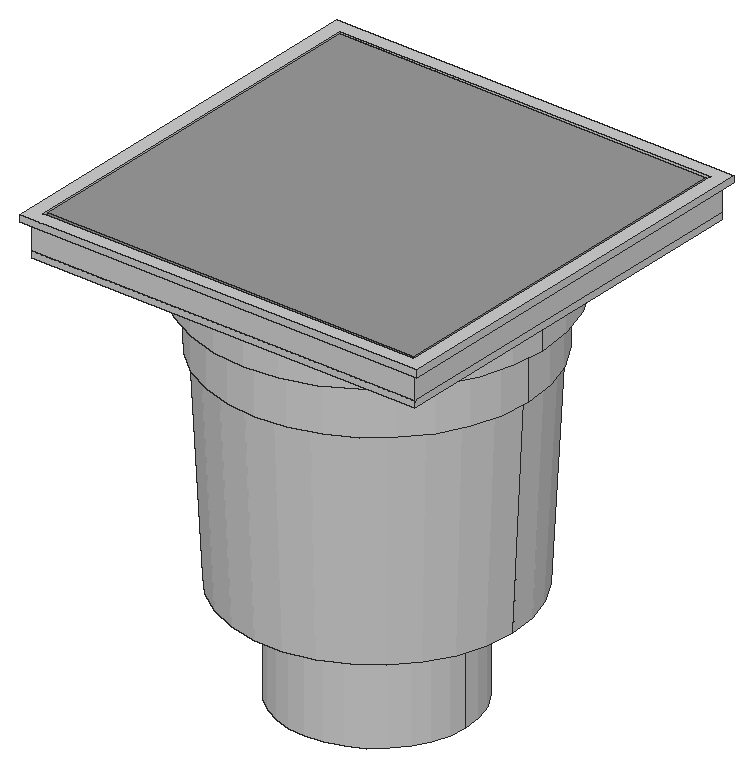
Revit family "HL_Дворовый трап серии Perfekt_HL606W", category Instalační zařizovací předměty, Revit 2016
Family settings
  Typ součásti = Normální
  Kóta kulaté spojky = Použít průměr
  Číslo OmniClass = 23.70.50.21.24.14
  Nadpis OmniClass = Deck Waste Water Drains
  Založené na pracovní rovině = Ne
  Vždy vertikální = Ano
  Ořezat dutým tvarem při načtení = Ne
  Sdílené = Ne
  Bod výpočtu místnosti = Ano
Parameters (values of type "HL_Дворовый трап серии Perfekt_HL606W_1")
  РЕШЁТКА = "Gusseisen 226 x 226 mm"
  РАЗМЕР = "DN110"
  ПРОПУСКНАЯ СПОСОБНОСТЬ [instance] = 0.0 L/s
  ПРОИЗВОДИТЕЛЬНОСТЬ = "2,1 l/s"
  ПРАВОВАЯ ИНФОРМАЦИЯ = "\"Авторские права(©), права на дизайн или какие либо другие права интелектуальной собственности являются исключительной собственностью компании HL Hutterer & Lechner. Изменению не подлежит. Файл семейства с данными о прозводителе изделия защищен паролем с водяным знаком.\""
  НОМИНАЛЬНЫЙ ДИАМЕТР = 110 mm
  НАСАДКА = "244 x 244 mm"
  МАТЕРИАЛ = "PP"
  МАКСИМАЛЬНАЯ НАГРУЗКА КЛАССА = "L - 1,5 t"
  ВЫСОТА МОНТАЖА = "213 mm"
  ВЕС = "6,982 kg"
  Výrobce = "HL Hutterer & Lechner GmbH"
  URL = "http://www.hutterer-lechner.com/ru/products/catalog/roof-drains/HL606W/1.aspx"
  Материал плитка [instance] = none
  Připojení ventilace = no
  Připojení odpadu = yes
  Připojení HW = no
  Připojení CW = no
  Popis = "Дворовый трап серии Perfekt DN110 вертикальный"
  Model = "HL606W/1"
  Assembly Code = " "
  Komentáře k typům = "Дворовый трап серии Perfekt DN110 вертикальный 244х244мм ПП/226х226мм чугун с водяным затвором."
  Keynote = "HL606W/1"
  IH [instance] = Высота монтажа 1 + Высота монтажа 2  # 0 mm
  Высота монтажа 2 [instance] = 0 mm
  Высота монтажа 1 [instance] = 0 mm
  G [instance] = 180.00°  # constant formula
  EAN = "9003076011131"
  D [instance] = IH + 174 mm  # 174 mm
  C [instance] = if(IH - 68 mm < 0 mm, 0 mm, IH - 68 mm)  # 0 mm
  B [instance] = 100 mm
  A [instance] = if(B - 100 mm > 15 mm, B - 100 mm, 15 mm)  # 15 mm
Types (3, lengths in mm): name | РАЗМЕР | НОМИНАЛЬНЫЙ ДИАМЕТР | ВЕС | URL | Popis | Model | Komentáře k typům | Keynote | EAN
  (no name) | "DN110" | 110 | "6,982 kg" | "http://www.hutterer-lechner.com/en/products/catalog/roof-drains/HL606W/1.aspx" | 0 | "HL606W/1" | "perfect-drain DN110 vertical 244x244mm plastic/226x226mm cast iron with trap seal" | "HL606W/1" | "9003076011131"
  HL_Дворовый трап серии Perfekt_HL606W_1 | "DN110" | 110 | "6,982 kg" | "http://www.hutterer-lechner.com/ru/products/catalog/roof-drains/HL606W/1.aspx" | "Дворовый трап серии Perfekt DN110 вертикальный" | "HL606W/1" | "Дворовый трап серии Perfekt DN110 вертикальный 244х244мм ПП/226х226мм чугун с водяным затвором." | "HL606W/1" | "9003076011131"
  HL_Дворовый трап серии Perfekt_HL606W_5 | "DN160" | 160 | "6,988 kg" | "http://www.hutterer-lechner.com/ru/products/catalog/roof-drains/HL606W/5.aspx" | "Дворовый трап серии Perfekt DN160 вертикальный" | "HL606W/5" | "Дворовый трап серии Perfekt DN160 вертикальный 244х244мм ПП/226х226мм чугун с водяным затвором." | "HL606W/5" | "9003076011155"
Values of the unnamed type that differ from the named types
  ПРАВОВАЯ ИНФОРМАЦИЯ = "\"Copyright (©), design rights or any other intellectual property rights, shall be the exclusive property of HL Hutterer & Lechner GmbH. Modification is not allowed. Family has been watermarked.\""
Reference planes
  plane 1 "Center (Front/Back)": y = 0
  plane 2: z = 0
  plane 3 "Center (Left/Right)": x = 0
  plane 4: z = -100
  plane 5: z = 0
  plane 6: z = 0
Lines and regions (mm)
  model lines, style "InvisibleLines"
    curve 1: line (0, 0, 0) -> (0, 0, 20)
  model lines, style "PlumbingFixtures", detail levels coarse+medium
    curve 2: line (0, 0, -100) -> (0, 0, -85)
    curve 3: line (0, 0, -85) -> (-85, 0, 0)
    curve 4: line (0, 0, -85) -> (85, 0, 0)
    curve 6: line (0, 0, -100) -> (0, 0, -274)
  reference lines, not visible
    curve 5: line (0, 0, -100) -> (0, 0, -274)
  symbolic lines, style "PlumbingFixtures", detail levels coarse+medium
    curve 7: line (-75, 75, 0) -> (75, 75, 0)
    curve 8: line (-75, -75, 0) -> (-75, 75, 0)
    curve 9: line (75, -75, 0) -> (-75, -75, 0)
    curve 10: line (75, 75, 0) -> (75, -75, 0)
    curve 11: line (-75, 75, 0) -> (-145.711, 145.711, 0)
    curve 12: line (75, 75, 0) -> (145.711, 145.711, 0)
    curve 13: line (-75, -75, 0) -> (-145.711, -145.711, 0)
    curve 14: line (75, -75, 0) -> (145.711, -145.711, 0)
  symbolic lines, style "PlumbingFixtures", not visible, detail levels coarse+medium
    curve 15: line (-75, 75, 0) -> (75, 75, 0)
    curve 16: line (-75, -75, 0) -> (-75, 75, 0)
    curve 17: line (75, -75, 0) -> (-75, -75, 0)
    curve 18: line (75, 75, 0) -> (75, -75, 0)
    curve 19: line (-75, 75, 0) -> (-145.711, 145.711, 0)
    curve 20: line (75, 75, 0) -> (145.711, 145.711, 0)
    curve 21: line (-75, -75, 0) -> (-145.711, -145.711, 0)
    curve 22: line (75, -75, 0) -> (145.711, -145.711, 0)
Text (mm)
  text "FLOOR" at (-162.344, 0, -10.979), in view "Слева"
Dimensions and locks
  "B": plane 2 to plane 4
  "IH": plane 2 to plane 5
  "A": curve 4 to plane 4
  "D": curve 5 to curve 5
  "D": curve 6 to curve 6
  "Высота монтажа 1": plane 2 to plane 6
  locked: curve 4 to plane 3 "Center (Left/Right)" (angle 45.00°)
  locked: plane 3 "Center (Left/Right)" to curve 3 (angle 45.00°)
  "G": angle curve 5 to plane 3 "Center (Left/Right)"
  aligned and locked: level to plane 2
  aligned and locked: plane 2 to curve 4
  aligned and locked: plane 2 to curve 3
  aligned and locked: plane 4 to curve 5
  aligned and locked: plane 3 "Center (Left/Right)" to curve 5
  aligned and locked: plane 4 to curve 2
  aligned and locked: plane 3 "Center (Left/Right)" to curve 6
  aligned and locked: plane 4 to curve 6
  aligned and locked: nested 1 to plane 3 "Center (Left/Right)"
  aligned and locked: plane 5 to nested 1
  aligned and locked: plane 3 "Center (Left/Right)" to nested 2
  aligned and locked: plane 2 to nested 2
  aligned and locked: plane 3 "Center (Left/Right)" to nested 3
  aligned and locked: nested 1 to nested 3
  aligned and locked: plane 3 "Center (Left/Right)" to nested 4
  aligned and locked: nested 1 to nested 4
Automatic sketch dimensions
  curve 2 to plane 3 "Center (Left/Right)" = 0 mm
  curve 1 to plane 3 "Center (Left/Right)" = 0 mm
  curve 1 to level = 0 mm
  curve 1 to curve 1 = 20 mm
Nested families
  nested 1: "HL-кровельные воронки - корпус-HL606K" at (0, 0, 0), type "HL-кровельные воронки - корпус-HL606K_1"
  nested 2: "HL-Решетка для сливного отверстия-HL0606.1E" at (0, 0, 0), type "HL-Решетка для сливного отверстия-HL0606.1E"
  nested 3: "HL-Песколовка-HL0606.2E" at (0, 0, -19.999), type "HL-Песколовка-HL0606.2E"
  nested 4: "HL-Вкладыш запахозапирающий-HL0605.2E" at (0, 0, -77), type "HL-Вкладыш запахозапирающий-HL0605.2E"
Connectors
  piping at (0, 0, -274), diameter 110, driven by "ПРОПУСКНАЯ СПОСОБНОСТЬ", driven by "НОМИНАЛЬНЫЙ ДИАМЕТР"
    settings: on curve 5, index 1, connector inside diameter 609.6 mm, connector length 0 mm, flow factor 0, pipe flow 0.0 L/s, pressure drop 0.0 Pa, fitting loss kfactor 0, connector angle 0.00°, fixture units 0, engagement length 0 mm, angle of deflection 0.00°, flow configuration 1, flow direction 2, fitting loss method 0, system type 16, joint type 0, gender type 0, connector reference index -1, connector utility 0, adjustable connector yes, is connector primary yes, connector description ""
Definition of nested family "HL-кровельные воронки - корпус-HL606K"
  Parameters
    РАЗМЕР = ""
    ПРАВОВАЯ ИНФОРМАЦИЯ = ""
    НОМИНАЛЬНЫЙ ДИАМЕТР = 110 mm
    НАСАДКА = ""
    МАТЕРИАЛ = ""
    ВЫСОТА МОНТАЖА = ""
    ВЕС = ""
    Height = 0 mm
    Manufacturer = ""
    URL = ""
    Description = ""
    ND = НОМИНАЛЬНЫЙ ДИАМЕТР / 2  # 55 mm
    Model = ""
    материал = none
    Type Comments = ""
    Keynote = ""
    EAN = ""
    Cost = 0
  Types (3, lengths in mm): name | РАЗМЕР | ПРАВОВАЯ ИНФОРМАЦИЯ | НАСАДКА | МАТЕРИАЛ | ВЫСОТА МОНТАЖА | ВЕС | Manufacturer | URL | Description | Model | Type Comments | Keynote | EAN
    (no name) | "" | "" | "" | "" | "" | "" | "" | "" | "" | "" | "" | "" | ""
    HL-кровельные воронки - корпус-HL606K_1 | "DN110" | "\"Авторские права(©), права на дизайн или какие либо другие права интелектуальной собственности являются исключительной собственностью компании HL Hutterer & Lechner. Изменению не подлежит. Файл семейства с данными о прозводителе изделия защищен паролем с водяным знаком.\"" | "244 x 244 mm" | "PP" | "212 mm" | "0,647 kg" | "HL Hutterer & Lechner GmbH" | "http://www.hutterer-lechner.com/ru/products/catalog/roof-drains/HL606K/1.aspx" | "Дворовый трап серии Perfekt DN110 вертикальный" | "HL606K/1" | "Корпус дворового трапа серии Perfekt DN110 вертикальный 244х244мм ПП" | "HL606K/1" | "9003076012763"
    HL-кровельные воронки - корпус-HL606K_5 | "DN160" | "\"Авторские права(©), права на дизайн или какие либо другие права интелектуальной собственности являются исключительной собственностью компании HL Hutterer & Lechner. Изменению не подлежит. Файл семейства с данными о прозводителе изделия защищен паролем с водяным знаком.\"" | "244 x 244 mm" | "PP" | "212 mm" | "0,668 kg" | "HL Hutterer & Lechner GmbH" | "http://www.hutterer-lechner.com/ru/products/catalog/roof-drains/HL606K/5.aspx" | "Дворовый трап серии Perfekt DN160 вертикальный" | "HL606K/5" | "Корпус дворового трапа серии Perfekt DN160 вертикальный 244х244мм ПП" | "HL606K/5" | "9003076012787"
  Reference planes
    plane 1 "Střed (vpředu/vzadu)": y = 0
    plane 2: z = 0
    plane 3 "Střed (vlevo/vpravo)": x = 0
    plane 4: z = -212
  Forms (mm)
    Revolve 1, solid, material <- "материал", detail levels fine
      sketch origin (0, 0, 0) x (1, 0, 0) y (0, 0, 1)
        loop
          line (0, -212) -> (83.62, -212) -> (90.477, -81.158) -> (93.491, -81.158) -> (93.491, -49.562) -> (102.242, -49.562) -> (102.242, -24) -> (98.5, -24) -> (98.5, -42) -> (89.75, -42) -> (89.75, -77) -> (85.685, -77) -> (79.688, -208) -> (0, -208) -> (0, -212)
        axis (0, -212) -> (0, -24)
      angle from 0 to 360
    Extrusion 2, solid, material <- "материал", detail levels fine
      sketch origin (0, 0, 0) x (1, 0, 0) y (0, 1, 0)
        loop
          line (118, -118) -> (118, 118) -> (-118, 118) -> (-118, -118) -> (118, -118)
        loop
          circle (0, 0) r 102.242
      from -24 to -20
    Extrusion 3, solid, material <- "материал", detail levels fine
      sketch origin (0, 0, -23) x (0, 1, 0) y (-1, 0, 0)
        loop
          line (118, 118) -> (-118, 118) -> (-118, -118) -> (118, -118) -> (118, 118)
        loop
          line (-114, -114) -> (114, -114) -> (114, 114) -> (-114, 114) -> (-114, -114)
      from 0 to 19
    Extrusion 4, solid, material <- "материал", detail levels fine
      sketch origin (0, 0, 0) x (1, 0, 0) y (0, 1, 0)
        loop
          line (-122, 122) -> (-122, -122) -> (122, -122) -> (122, 122) -> (-122, 122)
        loop
          line (114, -114) -> (114, 114) -> (-114, 114) -> (-114, -114) -> (114, -114)
      from -4 to 0
    Revolve 5, solid, material <- "материал", detail levels fine
      sketch origin (0, 0, 0) x (1, 0, 0) y (0, 0, 1)
        loop
          line (0, -274) -> (55, -274) -> (55, -212) -> (0, -212) -> (0, -274)
        axis (0, -212) -> (0, -274)
      angle from 0 to 360
  Dimensions and locks
    locked: plane 2 to plane 4 at 212
    plane 4 to Revolve 5 sketch curve = 62 mm
    "ND": Revolve 5 sketch curve to plane 3 "Střed (vlevo/vpravo)"
    aligned and locked: level to plane 2
    aligned and locked: Revolve 5 sketch curve to plane 4
  Automatic sketch dimensions
    Revolve 1 sketch curve to plane 3 "Střed (vlevo/vpravo)" = 0 mm  (x2)
    Revolve 1 sketch curve to plane 4 = 0 mm
    Revolve 1 sketch curve to level = 0 mm
    plane 4 to Revolve 1 sketch curve = 4 mm
    plane 3 "Střed (vlevo/vpravo)" to Revolve 1 sketch curve = 79.688 mm
    Revolve 1 sketch curve to Revolve 1 sketch curve = 3.931 mm
    plane 3 "Střed (vlevo/vpravo)" to Revolve 1 sketch curve = 85.685 mm
    Revolve 1 sketch curve to Revolve 1 sketch curve = 4.065 mm
    Revolve 1 sketch curve to Revolve 1 sketch curve = 0.727 mm
    Revolve 1 sketch curve to Revolve 1 sketch curve = 3.014 mm
    Revolve 1 sketch curve to Revolve 1 sketch curve = 8.75 mm
    Revolve 1 sketch curve to Revolve 1 sketch curve = 3.742 mm
    Revolve 1 sketch curve to level = 81.158 mm
    Revolve 1 sketch curve to Revolve 1 sketch curve = 4.158 mm
    Revolve 1 sketch curve to Revolve 1 sketch curve = 27.438 mm
    Revolve 1 sketch curve to Revolve 1 sketch curve = 7.562 mm
    Revolve 1 sketch curve to Revolve 1 sketch curve = 18 mm
    level to Revolve 1 sketch curve = 19.057 mm
    plane 1 "Střed (vpředu/vzadu)" to Extrusion 3 sketch curve = 118 mm
    Extrusion 3 sketch curve to Extrusion 3 sketch curve = 4 mm  (x4)
    Extrusion 3 sketch curve to plane 1 "Střed (vpředu/vzadu)" = 114 mm
    plane 3 "Střed (vlevo/vpravo)" to Extrusion 3 sketch curve = 118 mm
    Extrusion 3 sketch curve to plane 3 "Střed (vlevo/vpravo)" = 114 mm
    Extrusion 4 sketch curve to plane 3 "Střed (vlevo/vpravo)" = 122 mm
    Extrusion 4 sketch curve to Extrusion 4 sketch curve = 8 mm  (x4)
    plane 3 "Střed (vlevo/vpravo)" to Extrusion 4 sketch curve = 114 mm
    plane 1 "Střed (vpředu/vzadu)" to Extrusion 4 sketch curve = 122 mm
    Extrusion 4 sketch curve to plane 1 "Střed (vpředu/vzadu)" = 114 mm
    plane 1 "Střed (vpředu/vzadu)" to Extrusion 2 sketch curve = 0 mm
    Extrusion 2 sketch curve to plane 3 "Střed (vlevo/vpravo)" = 0 mm
    Extrusion 2 sketch curve to plane 3 "Střed (vlevo/vpravo)" = 118 mm
    plane 3 "Střed (vlevo/vpravo)" to Extrusion 2 sketch curve = 118 mm
    plane 1 "Střed (vpředu/vzadu)" to Extrusion 2 sketch curve = 118 mm
    Extrusion 2 sketch curve to plane 1 "Střed (vpředu/vzadu)" = 118 mm
    Revolve 5 sketch curve to plane 3 "Střed (vlevo/vpravo)" = 0 mm  (x2)
    Revolve 5 sketch curve to Revolve 5 sketch curve = 26 mm
    Revolve 5 sketch curve to Revolve 5 sketch curve = 105 mm
    radius of Extrusion 2 sketch curve = 102.242 mm
Definition of nested family "HL-Решетка для сливного отверстия-HL0606.1E"
  Parameters
    РАЗМЕР = ""
    ПРАВОВАЯ ИНФОРМАЦИЯ = ""
    МАТЕРИАЛ = ""
    МАКСИМАЛЬНАЯ НАГРУЗКА КЛАССА = ""
    ВЕС = ""
    Manufacturer = ""
    URL = ""
    Description = ""
    Model = ""
    материал = none
    Type Comments = ""
    Keynote = ""
    EAN = ""
    Cost = 0
  Types (2, lengths in mm): name | РАЗМЕР | ПРАВОВАЯ ИНФОРМАЦИЯ | МАТЕРИАЛ | МАКСИМАЛЬНАЯ НАГРУЗКА КЛАССА | ВЕС | Manufacturer | URL | Description | Model | Type Comments | Keynote | EAN
    (no name) | "" | "" | "" | "" | "" | "" | "" | "" | "" | "" | "" | ""
    HL-Решетка для сливного отверстия-HL0606.1E | "226x226mm" | "\"Авторские права(©), права на дизайн или какие либо другие права интелектуальной собственности являются исключительной собственностью компании HL Hutterer & Lechner. Изменению не подлежит. Файл семейства с данными о прозводителе изделия защищен паролем с водяным знаком.\"" | "Gusseisen" | "B - 12,5 t (aussen)" | "6,046 kg" | "HL Hutterer & Lechner GmbH" | "http://www.hutterer-lechner.com/ru/products/catalog/roof-drains/HL0606.1E.aspx" | "Решетка для сливного отверстия" | "HL0606.1E" | "Чугунная решетка для сливного отверстия 226х226мм" | "HL0606.1E" | "9003076060610"
  Reference planes
    plane 1 "Střed (vpředu/vzadu)": y = 0
    plane 2: z = 0
    plane 3 "Střed (vlevo/vpravo)": x = 0
  Forms (mm)
    Extrusion 1, solid, material <- "материал", detail levels fine
      sketch origin (0, 0, 0) x (1, 0, 0) y (0, 1, 0)
        loop
          line (112.5, 112.5) -> (-112.5, 112.5) -> (-112.5, -112.5) -> (112.5, -112.5) -> (112.5, 112.5)
      from 0 to -20.1
  Lines and regions (mm)
    model lines, detail levels fine
      curve 1: line (80.964, 45.608, 0) -> (46.315, 10.96, 0)
      curve 2: line (10.96, 46.315, 0) -> (45.608, 80.964, 0)
      curve 3: line (21.567, 35.709, 0) -> (56.215, 70.357, 0)
      curve 4: line (35.709, 21.567, 0) -> (70.357, 56.215, 0)
      curve 5: arc (80.964, 45.608, 0) -> (80.964, 56.215, 0) -> (70.357, 56.215, 0) r 7.5
      curve 6: arc (56.215, 70.357, 0) -> (56.215, 80.964, 0) -> (45.608, 80.964, 0) r 7.5
      curve 7: arc (21.567, 35.709, 0) -> (10.96, 35.709, 0) -> (10.96, 46.315, 0) r 7.5
      curve 8: arc (46.315, 10.96, 0) -> (35.709, 10.96, 0) -> (35.709, 21.567, 0) r 7.5
      curve 9: line (80.964, -45.608, 0) -> (46.315, -10.96, 0)
      curve 10: line (10.96, -46.315, 0) -> (45.608, -80.964, 0)
      curve 11: line (21.567, -35.709, 0) -> (56.215, -70.357, 0)
      curve 12: line (35.709, -21.567, 0) -> (70.357, -56.215, 0)
      curve 13: arc (80.964, -45.608, 0) -> (80.964, -56.215, 0) -> (70.357, -56.215, 0) r 7.5
      curve 14: arc (56.215, -70.357, 0) -> (56.215, -80.964, 0) -> (45.608, -80.964, 0) r 7.5
      curve 15: arc (21.567, -35.709, 0) -> (10.96, -35.709, 0) -> (10.96, -46.315, 0) r 7.5
      curve 16: arc (46.315, -10.96, 0) -> (35.709, -10.96, 0) -> (35.709, -21.567, 0) r 7.5
      curve 17: line (-80.964, 45.608, 0) -> (-46.315, 10.96, 0)
      curve 18: line (-10.96, 46.315, 0) -> (-45.608, 80.964, 0)
      curve 19: line (-21.567, 35.709, 0) -> (-56.215, 70.357, 0)
      curve 20: line (-35.709, 21.567, 0) -> (-70.357, 56.215, 0)
      curve 21: arc (-80.964, 45.608, 0) -> (-80.964, 56.215, 0) -> (-70.357, 56.215, 0) r 7.5
      curve 22: arc (-56.215, 70.357, 0) -> (-56.215, 80.964, 0) -> (-45.608, 80.964, 0) r 7.5
      curve 23: arc (-21.567, 35.709, 0) -> (-10.96, 35.709, 0) -> (-10.96, 46.315, 0) r 7.5
      curve 24: arc (-46.315, 10.96, 0) -> (-35.709, 10.96, 0) -> (-35.709, 21.567, 0) r 7.5
      curve 25: line (-80.964, -45.608, 0) -> (-46.315, -10.96, 0)
      curve 26: line (-10.96, -46.315, 0) -> (-45.608, -80.964, 0)
      curve 27: line (-21.567, -35.709, 0) -> (-56.215, -70.357, 0)
      curve 28: line (-35.709, -21.567, 0) -> (-70.357, -56.215, 0)
      curve 29: arc (-80.964, -45.608, 0) -> (-80.964, -56.215, 0) -> (-70.357, -56.215, 0) r 7.5
      curve 30: arc (-56.215, -70.357, 0) -> (-56.215, -80.964, 0) -> (-45.608, -80.964, 0) r 7.5
      curve 31: arc (-21.567, -35.709, 0) -> (-10.96, -35.709, 0) -> (-10.96, -46.315, 0) r 7.5
      curve 32: arc (-46.315, -10.96, 0) -> (-35.709, -10.96, 0) -> (-35.709, -21.567, 0) r 7.5
      curve 33: line (7.5, 92, 0) -> (7.5, 72.5, 0)
      curve 34: line (-7.5, 92, 0) -> (-7.5, 72.5, 0)
      curve 35: arc (7.5, 92, 0) -> (0, 99.5, 0) -> (-7.5, 92, 0) r 7.5
      curve 36: arc (7.5, 72.5, 0) -> (0, 65, 0) -> (-7.5, 72.5, 0) r 7.5
      curve 37: line (92, 7.5, 0) -> (72.5, 7.5, 0)
      curve 38: line (92, -7.5, 0) -> (72.5, -7.5, 0)
      curve 39: arc (92, 7.5, 0) -> (99.5, 0, 0) -> (92, -7.5, 0) r 7.5
      curve 40: arc (72.5, 7.5, 0) -> (65, 0, 0) -> (72.5, -7.5, 0) r 7.5
      curve 41: line (-92, 7.5, 0) -> (-72.5, 7.5, 0)
      curve 42: line (-92, -7.5, 0) -> (-72.5, -7.5, 0)
      curve 43: arc (-92, 7.5, 0) -> (-99.5, 0, 0) -> (-92, -7.5, 0) r 7.5
      curve 44: arc (-72.5, 7.5, 0) -> (-65, 0, 0) -> (-72.5, -7.5, 0) r 7.5
      curve 45: line (7.5, -92, 0) -> (7.5, -72.5, 0)
      curve 46: line (-7.5, -92, 0) -> (-7.5, -72.5, 0)
      curve 47: arc (7.5, -92, 0) -> (0, -99.5, 0) -> (-7.5, -92, 0) r 7.5
      curve 48: arc (7.5, -72.5, 0) -> (0, -65, 0) -> (-7.5, -72.5, 0) r 7.5
  Dimensions and locks
    aligned and locked: level to plane 2
Definition of nested family "HL-Песколовка-HL0606.2E"
  Parameters (values of type "HL-Песколовка-HL0606.2E")
    ПРАВОВАЯ ИНФОРМАЦИЯ = "\"Авторские права(©), права на дизайн или какие либо другие права интелектуальной собственности являются исключительной собственностью компании HL Hutterer & Lechner. Изменению не подлежит. Файл семейства с данными о прозводителе изделия защищен паролем с водяным знаком.\""
    МАТЕРИАЛ = "PP"
    ВЕС = "0,09 kg"
    Manufacturer = "HL Hutterer & Lechner GmbH"
    URL = "http://www.hutterer-lechner.com/ru/products/catalog/roof-drains/HL0606.2E.aspx"
    Description = "Песколовка"
    Model = "HL0606.2E"
    материал = none
    Type Comments = "Песколовка"
    Keynote = "HL0606.2E"
    EAN = "9003076060627"
    Cost = 0
  Values of the unnamed type that differ from the named types
    ПРАВОВАЯ ИНФОРМАЦИЯ = ""
    МАТЕРИАЛ = ""
    ВЕС = ""
    Manufacturer = ""
    URL = ""
    Description = ""
    Model = ""
    Type Comments = ""
    Keynote = ""
    EAN = ""
  Reference planes
    plane 1 "Střed (vpředu/vzadu)": y = 0
    plane 2: z = 0
    plane 3 "Střed (vlevo/vpravo)": x = 0
  Forms (mm)
    Revolve 1, solid, material <- "материал", detail levels fine
      sketch origin (0, 0, 0) x (1, 0, 0) y (0, 0, 1)
        loop
          line (0, -55.952) -> (0, -58.018) -> (57.601, -56.006)
          arc (57.601, -56.006) -> (65.932, -53.053) -> (69.532, -44.98) r 11.208
          line (69.532, -44.98) -> (72.482, -41.586) -> (75.031, -12.448) -> (75.865, -6.515)
          arc (75.865, -6.515) -> (76.428, -5.156) -> (77.786, -4.594) r 1.921
          line (77.786, -4.594) -> (95.979, -3.002) -> (95.979, -0.001) -> (73.246, -1.99) -> (69.436, -41.391) -> (67.501, -43.326)
          arc (67.501, -43.326) -> (65.111, -51.02) -> (57.603, -53.94) r 9.273
          line (57.603, -53.94) -> (0, -55.952)
        axis (0, -58.018) -> (0, -0.001)
      angle from 0 to 360
  Dimensions and locks
    aligned and locked: level to plane 2
Definition of nested family "HL-Вкладыш запахозапирающий-HL0605.2E"
  Parameters
    ПРАВОВАЯ ИНФОРМАЦИЯ = ""
    МАТЕРИАЛ = ""
    ВЕС = ""
    Manufacturer = ""
    URL = ""
    Description = ""
    Model = ""
    материал 2 = none
    материал = none
    Type Comments = ""
    Keynote = ""
    EAN = ""
    Cost = 0
  Types (2, lengths in mm): name | ПРАВОВАЯ ИНФОРМАЦИЯ | МАТЕРИАЛ | ВЕС | Manufacturer | URL | Description | Model | Type Comments | Keynote | EAN
    (no name) | "" | "" | "" | "" | "" | "" | "" | "" | "" | ""
    HL-Вкладыш запахозапирающий-HL0605.2E | "\"Авторские права(©), права на дизайн или какие либо другие права интелектуальной собственности являются исключительной собственностью компании HL Hutterer & Lechner. Изменению не подлежит. Файл семейства с данными о прозводителе изделия защищен паролем с водяным знаком.\"" | "PP" | "0,192 kg" | "HL Hutterer & Lechner GmbH" | "http://www.hutterer-lechner.com/ru/products/catalog/roof-drains/HL0605.2E.aspx" | "Вкладыш запахозапирающий" | "HL0605.2E" | "Вкладыш водяного затвора комплектный" | "HL0605.2E" | "9003076009725"
  Reference planes
    plane 1 "Střed (vpředu/vzadu)": y = 0
    plane 2: z = 0
    plane 3 "Střed (vlevo/vpravo)": x = 0
  Forms (mm)
    Revolve 1, solid, material <- "материал 2", detail levels fine
      sketch origin (0, 0, 0) x (1, 0, 0) y (0, 0, 1)
        loop
          line (88, -3) -> (88, 0) -> (82.921, 0) -> (82.921, -1.338) -> (78.867, -6.169) -> (78.867, -19.629) -> (76.315, -48.796)
          arc (76.315, -48.796) -> (75.558, -51.125) -> (73.796, -52.827) r 5.066
          line (73.796, -52.827) -> (58.029, -61.938) -> (58.029, -93.034) -> (53.399, -98) -> (41.859, -98) -> (41.859, -83.043) -> (45.35, -83.043) -> (45.35, -33) -> (29.878, -33) -> (29.878, -100) -> (52.94, -100)
          arc (52.94, -100) -> (57.932, -97.932) -> (60, -92.939) r 7.061
          line (60, -92.939) -> (60, -65.894)
          arc (60, -65.894) -> (60.671, -63.394) -> (62.5, -61.564) r 5.003
          line (62.5, -61.564) -> (74.706, -54.511)
          arc (74.706, -54.511) -> (77.106, -52.212) -> (78.174, -49.065) r 6.994
          line (78.174, -49.065) -> (81.088, -15.754) -> (83.996, -15.499) -> (83.996, -12.378)
          arc (83.996, -12.378) -> (85.775, -10) -> (83.996, -7.623) r 2.478
          line (83.996, -7.623) -> (83.996, -3) -> (88, -3)
        axis (0, 0) -> (0, -100)
      angle from 0 to 360
    Revolve 2, solid, material <- "материал", detail levels fine
      sketch origin (0, 0, 0) x (1, 0, 0) y (0, 0, 1)
        loop
          line (47.229, -83.043) -> (47.229, -28.043)
          arc (47.229, -28.043) -> (43.63, -19.353) -> (34.94, -15.754) r 12.289
          line (34.94, -15.754) -> (0, -15.754) -> (0, -48.796) -> (45.35, -48.796) -> (45.35, -83.043) -> (47.229, -83.043)
        axis (0, -83.043) -> (0, -15.754)
      angle from 0 to 360
  Dimensions and locks
    aligned and locked: level to plane 2
